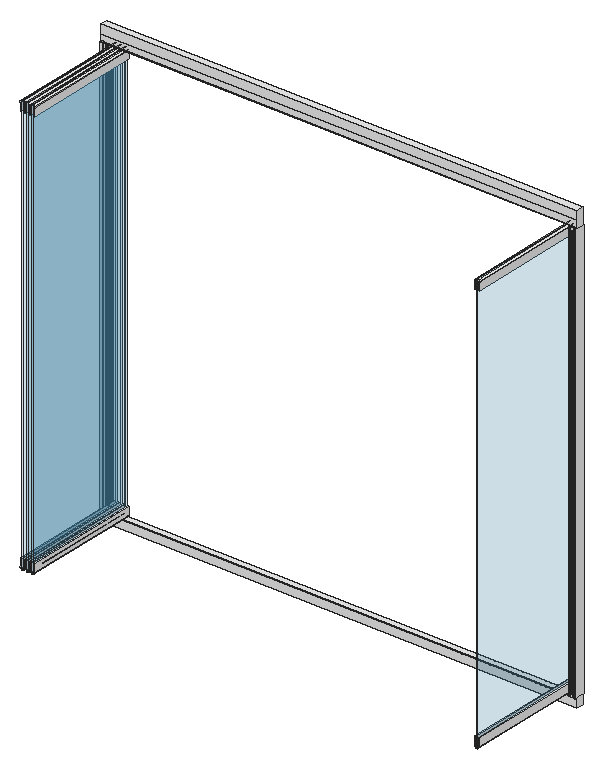
Revit family "98127", category Windows, host Wall, Revit 2018
Family settings
  Host = Wall
  OmniClass Number = 23.30.20.00
  OmniClass Title = Windows
  Always vertical = Yes
  Cut with Voids When Loaded = No
  Shared = No
  Room Calculation Point = No
Parameters (values of type "Standard")
  Y N Overide Stack [instance] = yes
  Y N Overide Number of Panels [instance] = no
  Warranty URL = "http://www.nanawall.com/support/warranty"
  URL = "http://www.nanawall.com/cad/configuration?id=28&n=SL25&t=Glass"
  Thickness = 0' - 1 1/4"
  Subcategory = "Folding Window"  # constant formula
  Split Stack Right [instance] = 1
  Split Stack [instance] = yes
  Size Comment [instance] = if(or(Y N Overide Stack, Y N Overide Number of Panels), "CONTACT NANAWALL FOR SPECIAL SIZING", " ")  # "CONTACT NANAWALL FOR SPECIAL SIZING"
  Size Chart [instance] = "http://www.nanawall.com/products/sl25/sizes"
  Single Right Stack [instance] = if(and(Y N Overide Stack, Left Stack), 1 = 0, if(Right Standard = 1, 1 = 1, if(and(C Split Stack, Split Stack Right = 1), 1 = 1, 1 = 0)))  # yes
  Single Panel [instance] = if(and(Open, Width < 3' 3 1/16"), 1 = 1, if(Width > 3' 3", 1 = 0, 1 = 0))  # no
  Single Left Stack [instance] = if(and(not(Y N Overide Stack), (Left Standard = 1)), 1 = 1, if(and(Y N Overide Stack, Left Stack, (Panels = 1)), 1 = 1, (if(and(C Split Stack, Split Stack Right = Panels - 1), 1 = 1, 1 = 0))))  # no
  Sills Available = "Raised, Low Profile Saddle, Flush"  # constant formula
  Sash = Metal - NanaWall - Aluminum
  Rough Width = Width - (2 * (0' 0 121/128"))  # 9' - 10 7/64"
  Rough Height = Height Constraint  # 9' - 2"
  Right Standard [instance] = roundup(Panels / 2)  # 2
  Right Stack Width [instance] = RS C * Thickness  # 0' - 2 1/2"
  Right Stack [instance] = no
  RS C [instance] = if(RS = 1, 2, if(RS = 0, 2, if(C Split Stack, Split Stack Right, RS)))  # 2
  RS [instance] = if(Not Override Stack, Right Standard, if(C Right Stack, Panels, if(C Left Stack, 2, if(C Split Stack, Split Stack Right, 2))))  # 1
  Product Page URL = "http://www.nanawall.com/product/nanaglass"
  Performance URL = "http://www.nanawall.com/products/sl25/testingresult"
  Panels [instance] = if(Y N Overide Number of Panels, Overide Number of Panels, Panel Constraint)  # 4
  Panel Width [instance] = Opening Width / Panels  # 2' - 5 135/256"
  Panel Height = Height Constraint  # 9' - 2"
  Panel Constraint [instance] = if(Width < 6' 0", 2, if(Width < 9' 0", 3, if(Width < 12' 0", 4, if(Width < 15' 0", 5, if(Width < 18' 0", 6, if(Width < 21' 0", 7, if(Width < 24' 0", 8, if(Width < 27' 0", 9, if(Width < 30' 0", 10, if(Width < 33' 0", 11, if(Width < 36' 0", 12, if(Width < 39' 0", 13, if(Width < 42' 0", 14, if(Width < 45' 0", 15, if(Width < 48' 0", 16, if(Width < 51' 0", 17, if(Width < 54' 0", 18, if(Width < 57' 0", 19, if(Width < 60' 0", 20, 21)))))))))))))))))))  # 4
  Overide Number of Panels [instance] = 6
  Opening Width = Width - (0' 0 121/128" * 2)  # 9' - 10 7/64"
  Open Right Single [instance] = if(and(Open, Single Right Stack), 1 = 1, 1 = 0)  # yes
  Open Right Multi [instance] = if(and(Open, Multiple Right Stack), 1 = 1, 1 = 0)  # no
  Open Left Single [instance] = if(and(Open, Single Left Stack), 1 = 1, 1 = 0)  # no
  Open Left Multi [instance] = if(and(Open, Multiple Left Stack), 1 = 1, 1 = 0)  # yes
  Open [instance] = yes
  Not Override Stack [instance] = not(Y N Overide Stack)  # no
  NanaWall Configurator = "http://www.nanawall.com/content/select-wizard"
  Multiple Right Stack [instance] = if(Width < 3' 3 1/16", 1 = 0, if(and(Right Standard < 1.5, Not Override Stack), 1 = 0, if(and(Right Standard > 1, Not Override Stack), 1 = 1, (if(and(C Split Stack, Split Stack Right > 1), 1 = 1, if(C Right Stack, 1 = 1, 1 = 0))))))  # no
  Multiple Panel [instance] = if(and(Open, Width > 3' 3 1/16"), 1 = 0, if(and(Closed, Width > 3' 3 1/16"), 1 = 1, if(Width < 3' 3", 1 = 0, 1 = 1)))  # no
  Multiple Left Stack [instance] = if(and(Left Standard > 1, Not Override Stack), 1 = 1, (if(and(C Split Stack, Split Stack Right < Panels - 1), 1 = 1, if(C Left Stack, 1 = 1, 1 = 0))))  # yes
  Model = if(and(Width < 2' 7 1/16", Height < 6' 6 1/16"), "SL 25", if(and(Width < 2' 7 1/16", Height < 8' 10 1/16"), "SL 25XXL", if(and(Width < 3' 0 1/16", Height < 8' 10 1/16"), "SL25XXL", "SL 25")))  # "SL 25"
  Max Panel Height = if(Panel Height > 9' 6", 9' 6", Panel Height)  # 9' - 2"
  Manufacturer Toll Free Phone = "(888) 411-NANA(6262)"  # constant formula
  Manufacturer Phone = "(415) 383-3148"  # constant formula
  Manufacturer Fax = "(415) 383-0312"  # constant formula
  Manufacturer Email = "mailto:info@nanawall.com"
  Manufacturer Address = "100 Meadowcreek Drive #250, Corte Madera, CA 94925"  # constant formula
  Manufacturer = "NanaWall Systems, Inc."  # constant formula
  Left Standard [instance] = rounddown(Panels / 2)  # 2
  Left Stack Width [instance] = LS C * Thickness  # 0' - 3 3/4"
  Left Stack [instance] = no
  LS C [instance] = if(L S = 1, 2, if(L S = 0, 2, if(C Split Stack, Panels - Split Stack Right, L S)))  # 3
  L S [instance] = if(Not Override Stack, Left Standard, if(C Left Stack, Panels, if(C Right Stack, 2, if(C Split Stack, Panels - Split Stack Right, 2))))  # 3
  Installation and Service URL = "http://www.nanawall.com/support/installer"
  Height Constraint = if(Height < 3' 3", 3' 3", if(Height > 9' 2", 9' 2", Height))  # 9' - 2"
  Height = 9' - 6"
  Wall Closure = By host
  Width = 10' - 0"
  Half Panel Width [instance] = Panel Width / 2  # 1' - 2.76367"
  Glazing Options = "http://www.nanawall.com/products/sl25/glazing"
  Glass Material = Glass - NanaWall - Generic
  Filler = Metal - NanaWall - Aluminum
  Exterior Wall Offset = 0' - 4"
  Engineering Details URL = "http://www.nanawall.com/products/sl25/component"
  Disclaimer = "Please note that the Revit model is for schematic purposes only.  To obtain a detailed 3D model, please go to the NanaWall's configurator at www.nanawall.com."  # constant formula
  Description = "NanaGlass All Glass Opening Window Wall"  # constant formula
  Cost Info = "http://www.nanawall.com/products/sl25/pricing"
  Closed [instance] = not(Open)  # no
  Clearance On [instance] = yes
  C Split Stack [instance] = if(and(Y N Overide Stack, Split Stack), 1 = 1, if(Right Stack, 1 = 0, if(Left Stack, 1 = 0, 1 = 0)))  # yes
  C Right Stack [instance] = if(and(Y N Overide Stack, Right Stack), 1 = 1, if(Left Stack, 1 = 0, if(Split Stack, 1 = 0, 1 = 1)))  # no
  C Left Stack [instance] = if(and(Y N Overide Stack, Left Stack), 1 = 1, if(Right Stack, 1 = 0, if(Split Stack, 1 = 0, 1 = 0)))  # no
  Assembly Code = "C1010.2010"
  95 CSI = "8411"  # constant formula
  04 CSI = "08 41 13"  # constant formula
Reference planes (in)
  plane 1 "Center (Front/Back)": y = 0
  plane 2 "Center (Left/Right)": x = 0
  plane 3 "Left": x = -60
  plane 4 "Right": x = 60
  plane 5 "Top": z = 110
  plane 6: z = 105.97
  plane 7 "Top Edge Of Sill": z = 0.92188
  plane 8: z = 55
  plane 9: x = -59.05512
  plane 10: x = 59.05512
  plane 11: x = 55.375
  plane 12: y = -1.57422
  plane 13: y = 1.57422
  plane 14 "Sash Offset Plane": y = -1
  plane 15: y = -0.375
  plane 16: x = -54.125
  plane 17: x = -57.875
  plane 18: x = 57.875
Lines and regions (in)
  Opening 1
    outline origin (-90, -3, 0) x (1, 0, 0) y (0, 0, 1)
      loop
        line (30, 0) -> (150, 0) -> (150, 110) -> (30, 110) -> (30, 0)
  symbolic lines, visible <- "Clearance On"
    curve 1: line (-57.875, -0.375, 0) -> (57.875, -0.375, 0)
    curve 2: line (-57.875, -29.90234, 0) -> (-57.875, -0.375, 0)
    curve 3: line (57.875, -29.90234, 0) -> (-57.875, -29.90234, 0)
    curve 4: line (57.875, -0.375, 0) -> (57.875, -29.90234, 0)
  symbolic lines
    curve 5: line (-60, -0.375, 0) -> (60, -0.375, 0)
    curve 6: line (-60, -1.57422, 0) -> (-60, -0.375, 0)
    curve 7: line (60, -1.57422, 0) -> (-60, -1.57422, 0)
    curve 8: line (60, -0.375, 0) -> (60, -1.57422, 0)
    curve 9: line (-59.05512, -1.57422, 0) -> (-59.05512, -0.375, 0)
    curve 10: line (59.05512, -1.57422, 0) -> (59.05512, -0.375, 0)
Text (in)
  text "Exterior" at (-74.96733, 61.50183, 0), in view "Ref. Level"
  text "Interior" at (-74.96733, -39.71944, 0), in view "Ref. Level"
  text "Exterior" at (0, 40.15149, 87.26307), in view "Right"
  text "Interior" at (0, -64.39139, 87.26307), in view "Right"
  text "Interior" at (0, -31.01599, 123.00693), in view "Left"
  text "Exterior" at (0, 54.57065, 123.00693), in view "Left"
Dimensions and locks (in)
  "Height Constraint": level to plane 5 "Top"
  "Width": plane 3 "Left" to plane 4 "Right"
  equal spacing: plane 3 "Left", plane 2 "Center (Left/Right)", plane 4 "Right"
  locked: level to plane 7 "Top Edge Of Sill" at 0.92188
  locked: plane 6 to plane 5 "Top" at 4.03
  equal spacing: level, plane 8, plane 5 "Top"
  locked: plane 3 "Left" to plane 9 at 0.94488
  locked: plane 10 to plane 4 "Right" at 0.94488
  host wall to host wall = 22' - 0"
  equal spacing: plane 13, host wall, plane 12
  locked: plane 13 to plane 12 at 3.14844
  equal spacing: group 1, group 3, group 4, group 2  (x3)
  "Exterior Wall Offset": host wall to plane 14 "Sash Offset Plane"
  locked: plane 15 to plane 14 "Sash Offset Plane" at 0.625
  group 6 to group 5 = 0' - 1 1/4"
  group 5 to group 6 = 0' - 0"  (x2)
  plane 3 "Left" to plane 9 = 0' - 0.94488"
  equal spacing: group 7, group 13, group 8  (x3)
  equal spacing: group 9, group 14, group 10  (x3)
  group 12 to group 11 = 0' - 1 1/4"
  group 11 to group 12 = 0' - 0"  (x2)
  locked: curve 4 to plane 18 at 0
  "Panel Width": plane 15 to curve 3
  locked: plane 3 "Left" to plane 17 at 2.125
  "Left Stack Width": plane 17 to plane 16
  locked: plane 18 to plane 4 "Right" at 2.125
  "Right Stack Width": plane 11 to plane 18
  aligned and locked: plane 3 "Left" to Opening 1 sketch curve
  aligned and locked: plane 5 "Top" to Opening 1 sketch curve  (x2)
  aligned and locked: Opening 1 sketch curve to plane 4 "Right"
  aligned and locked: Opening 1 sketch curve to level
  aligned and locked: nested 1 to plane 3 "Left"
  aligned and locked: nested 2 to plane 4 "Right"
  aligned and locked: nested 4 to plane 5 "Top"
  aligned and locked: plane 14 "Sash Offset Plane" to nested 3
  aligned and locked: nested 1 to plane 14 "Sash Offset Plane"
  aligned and locked: plane 14 "Sash Offset Plane" to nested 2
  aligned and locked: nested 5 to plane 14 "Sash Offset Plane"
  aligned and locked: plane 15 to nested 9
  aligned and locked: nested 10 to plane 11
  aligned and locked: plane 15 to nested 10
  aligned and locked: nested 4 to plane 14 "Sash Offset Plane"
  aligned and locked: plane 14 "Sash Offset Plane" to nested 6
  aligned and locked: nested 5 to plane 3 "Left"
  aligned and locked: nested 5 to plane 4 "Right"
  aligned and locked: nested 6 to plane 10
  aligned and locked: nested 3 to plane 9
  aligned and locked: level to nested 5
  aligned and locked: plane 15 to nested 11
  aligned and locked: nested 12 to plane 16
  aligned and locked: plane 15 to nested 13
  aligned and locked: plane 15 to nested 14
  aligned and locked: plane 15 to nested 12
  aligned and locked: nested 15 to plane 15
  aligned and locked: nested 16 to plane 16
  aligned and locked: nested 16 to plane 15
  aligned and locked: nested 17 to plane 15
  aligned and locked: nested 18 to plane 11
  aligned and locked: nested 18 to plane 15
  aligned and locked: nested 20 to plane 15
  aligned and locked: nested 19 to plane 15
  aligned and locked: plane 17 to nested 15
  aligned and locked: plane 17 to nested 11
  aligned and locked: plane 17 to nested 13
  aligned and locked: plane 17 to nested 20
  aligned and locked: nested 17 to plane 18
  aligned and locked: nested 19 to plane 18
  aligned and locked: plane 18 to nested 9
  aligned and locked: plane 18 to nested 14
  aligned and locked: curve 2 to plane 17
  aligned and locked: curve 5 to plane 15
  aligned and locked: curve 6 to plane 3 "Left"
  aligned and locked: plane 12 to curve 7
  aligned and locked: plane 4 "Right" to curve 8
  aligned and locked: curve 9 to plane 9
  aligned and locked: plane 10 to curve 10
  aligned and locked: nested 1 to plane 6
  aligned and locked: plane 6 to nested 2
Automatic sketch dimensions
  curve 1 to plane 15 = 0' - 0"
Nested families (in)
  nested 1: "Left-Jamb_SL-25" at (-52.69793, -1, 0.00125), type "Left-Jamb_SL-25"
  nested 2: "Right-Jamb_SL-25" at (52.69793, -1, 0.00125) x (-1, 0, 0) z (0, 0, 1), type "Right-Jamb_SL-25"
  nested 3: "Sash_SL-25_NanaWall" at (-44.33252, -9.125, 0) x (-1, 0, 0) z (0, 0, 1), visible <- "Closed", type "Sash_SL-25_NanaWall"
  nested 4: "Header_SL-25" at (7.30207, -1, 0), type "Header_SL-25"
  nested 5: "Sill_SL-25" at (7.30207, -1, -2.21774), type "Sill_SL-25"
  nested 6: "Sash_SL-25_NanaWall" at (44.35721, -9.125, 0) x (-1, 0, 0) z (0, 0, 1), visible <- "Closed", type "Sash_SL-25_NanaWall"
  nested 7: "Sash_SL-25_NanaWall" at (-14.76927, -9.125, 0) x (-1, 0, 0) z (0, 0, 1), visible <- "Closed", type "Sash_SL-25_NanaWall"
  nested 8: "Sash_SL-25_NanaWall" at (14.79397, -9.125, 0) x (-1, 0, 0) z (0, 0, 1), visible <- "Closed", type "Sash_SL-25_NanaWall"
  nested 9: "DetailItem_Panel" at (57.20473, -13.47851, 0), visible <- "Multiple Right Stack", type "DetailItem_Panel"
    with Panel Thickness 0' - 1 1/4"
  nested 10: "DetailItem_Panel" at (55.95473, -13.47851, 0), visible <- "Multiple Right Stack", type "DetailItem_Panel"
    with Panel Thickness 0' - 1 1/4"
  nested 11: "DetailItem_Panel" at (-57.29527, -13.47851, 0), visible <- "Multiple Left Stack", type "DetailItem_Panel"
    with Panel Thickness 0' - 1 1/4"
  nested 12: "DetailItem_Panel" at (-54.79527, -13.47851, 0), visible <- "Multiple Left Stack", type "DetailItem_Panel"
    with Panel Thickness 0' - 1 1/4"
  nested 13: "DetailItem_Panel" at (-57.29527, -13.47851, 0), visible <- "Single Left Stack", type "DetailItem_Panel"
    with Panel Thickness 0' - 1 1/4"
  nested 14: "DetailItem_Panel" at (57.20473, -13.47851, 0), visible <- "Single Right Stack", type "DetailItem_Panel"
    with Panel Thickness 0' - 1 1/4"
  nested 15: "Sash_SL-25_NanaWall" at (-65.375, -15.0976, 0) x (0, 1, 0) z (0, 0, 1), visible <- "Open Left Multi", type "Sash_SL-25_NanaWall"
  nested 16: "Sash_SL-25_NanaWall" at (-62.875, -15.0976, 0) x (0, 1, 0) z (0, 0, 1), visible <- "Open Left Multi", type "Sash_SL-25_NanaWall"
  nested 17: "Sash_SL-25_NanaWall" at (49.125, -15.0976, 0) x (0, 1, 0) z (0, 0, 1), visible <- "Open Right Multi", type "Sash_SL-25_NanaWall"
  nested 18: "Sash_SL-25_NanaWall" at (47.875, -15.0976, 0) x (0, 1, 0) z (0, 0, 1), visible <- "Open Right Multi", type "Sash_SL-25_NanaWall"
  nested 19: "Sash_SL-25_NanaWall" at (49.125, -15.0976, 0) x (0, 1, 0) z (0, 0, 1), visible <- "Open Right Single", type "Sash_SL-25_NanaWall"
  nested 20: "Sash_SL-25_NanaWall" at (-65.375, -15.0976, 0) x (0, 1, 0) z (0, 0, 1), visible <- "Open Left Single", type "Sash_SL-25_NanaWall"
  nested 21: "DetailItem_Panel" at (-56.04527, -13.47851, 0), visible <- "Multiple Left Stack", type "DetailItem_Panel"
    with Panel Thickness 0' - 1 1/4"
  nested 22: "Sash_SL-25_NanaWall" at (-64.125, -15.0976, 0) x (0, 1, 0) z (0, 0, 1), visible <- "Open Left Multi", type "Sash_SL-25_NanaWall"
Definition of nested family "Left-Jamb_SL-25"
  Parameters
    Width = 5' - 0"
    Left Jamb = none
    Height = 9' - 2"
    Half = no
    Assembly Code = ""
  Reference planes (in)
    plane 1 "Center (Front/Back)": y = 0
    plane 2: z = 0
    plane 3 "Center (Left/Right)": x = -7.30207
    plane 4 "Top": z = 110
    plane 5: z = 105.96875
  Forms (in)
    Sweep 1, solid, material <- "Left Jamb"
      path origin (-7.30207, -0.13672, 0) x (0, 1, 0) y (0, 0, 1)
        loop
          line (0, 105.96875) -> (0, 0)
      profile origin (-7.30207, -0.13672, 52.98438) x (1, 0, 0) y (0, 1, 0)
        loop
          line (0, 1.30691) -> (0, -0.94309) -> (1.90628, -0.94309)
          arc (1.90628, -0.94309) -> (1.9433, -0.92961) -> (1.963, -0.89549) r 0.05759
          line (1.963, -0.89549) -> (2.0128, -0.61304)
          arc (2.0128, -0.61304) -> (2.00442, -0.58177) -> (1.97508, -0.56809) r 0.0383
          line (1.97508, -0.56809) -> (1.65956, -0.56809)
          arc (1.65956, -0.56809) -> (1.63047, -0.58014) -> (1.61842, -0.60923) r 0.04114
          line (1.61842, -0.60923) -> (1.61842, -0.88388) -> (1.37294, -0.88388) -> (1.42075, -0.61275)
          arc (1.42075, -0.61275) -> (1.41242, -0.58168) -> (1.38327, -0.56809) r 0.03805
          line (1.38327, -0.56809) -> (1.06461, -0.56809)
          arc (1.06461, -0.56809) -> (1.03753, -0.5793) -> (1.02632, -0.60638) r 0.03829
          line (1.02632, -0.60638) -> (1.02632, -0.88388) -> (0.66316, -0.88388) -> (0.66316, 1.2477) -> (1.21579, 1.2477) -> (1.21579, 1.11349)
          arc (1.21579, 1.11349) -> (1.23947, 1.08981) -> (1.26316, 1.11349) r 0.02368
          line (1.26316, 1.11349) -> (1.26316, 1.25954) -> (1.43684, 1.25954)
          arc (1.43684, 1.25954) -> (1.46053, 1.28323) -> (1.43684, 1.30691) r 0.02368
          line (1.43684, 1.30691) -> (0, 1.30691)
        loop
          line (0.07105, 1.2477) -> (0.07105, -0.88388) -> (0.59211, -0.88388) -> (0.59211, 1.2477) -> (0.07105, 1.2477)
  Lines and regions (in)
    Masking region 1
      outline origin (0, 0, 0) x (1, 0, 0) y (0, 1, 0)
        loop
          line (-7.30207, 1.17019) -> (-7.30207, -1.07981) -> (-5.39579, -1.07981)
          arc (-5.39579, -1.07981) -> (-5.35877, -1.06633) -> (-5.33907, -1.03221) r 0.05759
          line (-5.33907, -1.03221) -> (-5.28927, -0.74976)
          arc (-5.28927, -0.74976) -> (-5.29765, -0.71849) -> (-5.32699, -0.70481) r 0.0383
          line (-5.32699, -0.70481) -> (-5.64251, -0.70481)
          arc (-5.64251, -0.70481) -> (-5.6716, -0.71686) -> (-5.68365, -0.74595) r 0.04114
          line (-5.68365, -0.74595) -> (-5.68365, -1.02059) -> (-5.92913, -1.02059) -> (-5.88132, -0.74947)
          arc (-5.88132, -0.74947) -> (-5.88965, -0.7184) -> (-5.9188, -0.70481) r 0.03805
          line (-5.9188, -0.70481) -> (-6.23746, -0.70481)
          arc (-6.23746, -0.70481) -> (-6.26454, -0.71602) -> (-6.27575, -0.7431) r 0.03829
          line (-6.27575, -0.7431) -> (-6.27575, -1.02059) -> (-6.63891, -1.02059) -> (-6.63891, 1.11098) -> (-6.08628, 1.11098) -> (-6.08628, 0.97677)
          arc (-6.08628, 0.97677) -> (-6.0626, 0.95309) -> (-6.03891, 0.97677) r 0.02368
          line (-6.03891, 0.97677) -> (-6.03891, 1.12283) -> (-5.86523, 1.12283)
          arc (-5.86523, 1.12283) -> (-5.84154, 1.14651) -> (-5.86523, 1.17019) r 0.02368
          line (-5.86523, 1.17019) -> (-7.30207, 1.17019)
        loop
          line (-7.23102, -1.02059) -> (-6.70996, -1.02059) -> (-6.70996, 1.11098) -> (-7.23102, 1.11098) -> (-7.23102, -1.02059)
  Dimensions and locks (in)
    "Height": plane 4 "Top" to level
    plane 4 "Top" to level = 9' - 2"
    locked: plane 4 "Top" to plane 5 at 4.03125
    aligned and locked: level to Sweep 1 sketch curve
    aligned and locked: plane 3 "Center (Left/Right)" to nested 1
    aligned and locked: Sweep 1 sketch curve to nested 1  (x14)
    aligned and locked: nested 1 to Sweep 1 sketch curve  (x2)
    aligned and locked: Masking region 1 sketch curve to plane 3 "Center (Left/Right)"
    aligned and locked: Masking region 1 sketch curve to Sweep 1  (x19)
    aligned and locked: plane 5 to Sweep 1 sketch curve
  Automatic sketch dimensions
    Sweep 1 sketch curve to profile plane = 0' - 0"
    Sweep 1 sketch curve to Sweep 1 sketch curve = 0' - 0.03829"
    profile plane to Sweep 1 sketch curve = 0' - 0.88388"
    Sweep 1 sketch curve to Sweep 1 sketch curve = 0' - 0.23515"
    Sweep 1 sketch curve to Sweep 1 sketch curve = 0' - 0.03748"
    Sweep 1 sketch curve to Sweep 1 sketch curve = 0' - 0.04114"
    Sweep 1 sketch curve to Sweep 1 sketch curve = 0' - 0.28786"
    Sweep 1 sketch curve to Sweep 1 sketch curve = 0' - 0.05672"
    Sweep 1 sketch curve to Sweep 1 sketch curve = 0' - 0.31551"
    Sweep 1 sketch curve to Sweep 1 sketch curve = 0' - 0.03772"
    Sweep 1 sketch curve to Sweep 1 sketch curve = 0' - 0"  (x2)
    Masking region 1 sketch curve to Masking region 1 sketch curve = 0' - 0.00352"
    Masking region 1 sketch curve to Masking region 1 sketch curve = 0' - 0.03772"
    plane 1 "Center (Front/Back)" to Masking region 1 sketch curve = 0' - 1.03221"
    plane 1 "Center (Front/Back)" to Sweep 1 sketch curve = 0' - 0 35/256"
  Nested families (in)
    nested 1: "Detail Item_Right-Jamb_SL-25" at (-7.30207, 0.02546, 0), type "Detail Item_Right-Jamb_SL-25", detail levels fine
      with Half no
  Definition of nested family "Detail Item_Right-Jamb_SL-25"
    Parameters
      SmartBIM Object Version = 1
      SmartBIM Object Created By = "Reed Construction Data"
      Half = yes
      Assembly Code = ""
      95 CSI = ""
      04 CSI = ""
    Reference planes (in)
      plane 1 "Center (Front/Back)": y = 0
      plane 2: z = 0
      plane 3 "Center (Left/Right)": x = 0
    Lines and regions (in)
      model lines, in view "Ref. Level"
        curve 1: arc (1.38158, -0.73026, 0) -> (1.41182, -0.74436, 0) -> (1.42045, -0.77659, 0) r 0.03947
        curve 2: arc (1.37113, -1.05633, 0) -> (1.35088, -1.09141, 0) -> (1.31282, -1.10526, 0) r 0.05921
        curve 3: arc (1.02632, -0.76974, 0) -> (1.03788, -0.74182, 0) -> (1.06579, -0.73026, 0) r 0.03947
        curve 4: arc (1.97368, -0.73026, 0) -> (2.00392, -0.74436, 0) -> (2.01256, -0.77659, 0) r 0.03947
        curve 5: arc (1.96323, -1.05633, 0) -> (1.94298, -1.09141, 0) -> (1.90492, -1.10526, 0) r 0.05921
        curve 6: arc (1.43684, 1.14474, 0) -> (1.46053, 1.12105, 0) -> (1.43684, 1.09737, 0) r 0.02368
        curve 7: arc (1.26316, 0.95132, 0) -> (1.23947, 0.92763, 0) -> (1.21579, 0.95132, 0) r 0.02368
        curve 8: arc (1.61842, -0.76974, 0) -> (1.62998, -0.74182, 0) -> (1.65789, -0.73026, 0) r 0.03947
        curve 9: arc (1.85526, -0.73026, 0) -> (1.86364, -0.73373, 0) -> (1.86711, -0.74211, 0) r 0.01184
        curve 10: arc (1.86711, -0.78947, 0) -> (1.86364, -0.79785, 0) -> (1.85526, -0.80132, 0) r 0.01184
        curve 11: arc (1.77632, -0.80132, 0) -> (1.76794, -0.79785, 0) -> (1.76447, -0.78947, 0) r 0.01184
        curve 12: arc (1.76447, -0.74211, 0) -> (1.76794, -0.73373, 0) -> (1.77632, -0.73026, 0) r 0.01184
        curve 13: arc (1.75015, -0.61231, 0) -> (1.7762, -0.64614, 0) -> (1.74474, -0.675, 0) r 0.03158
        curve 14: arc (1.67763, -0.73026, 0) -> (1.69382, -0.69119, 0) -> (1.73289, -0.675, 0) r 0.05526
        curve 15: arc (1.71227, -0.79862, 0) -> (1.70944, -0.79049, 0) -> (1.71573, -0.7846, 0) r 0.00789
        curve 16: arc (1.91584, -0.7846, 0) -> (1.92214, -0.79049, 0) -> (1.9193, -0.79862, 0) r 0.00789
        curve 17: arc (2.025, -0.57477, 0) -> (2.01566, -0.65331, 0) -> (1.99737, -0.73026, 0) r 0.68825
        curve 18: arc (1.9856, -0.53289, 0) -> (2.01435, -0.54532, 0) -> (2.025, -0.57477, 0) r 0.03947
        curve 19: arc (1.875, -0.54446, 0) -> (1.88781, -0.5359, 0) -> (1.90291, -0.53289, 0) r 0.03947
        curve 20: arc (1.84732, -0.57214, 0) -> (1.83132, -0.58186, 0) -> (1.81264, -0.58311, 0) r 0.03947
        curve 21: arc (1.77256, -0.62848, 0) -> (1.74714, -0.62221, 0) -> (1.72518, -0.60796, 0) r 0.07895
        curve 22: line (1.42045, -0.77659, 0) -> (1.37113, -1.05633, 0)
        curve 23: line (1.31282, -1.10526, 0) -> (0, -1.10526, 0)
        curve 24: line (0, -1.10526, 0) -> (0, 1.14474, 0)
        curve 25: line (0, 1.14474, 0) -> (0.84474, 1.14474, 0)
        curve 26: line (0.59211, 1.08553, 0) -> (0.07105, 1.08553, 0)
        curve 27: line (0.07105, 1.08553, 0) -> (0.07105, 0.04025, 0)
        curve 28: line (0.07105, 0.04025, 0) -> (0.05921, 0.01974, 0)
        curve 29: line (0.05921, 0.01974, 0) -> (0.07105, -0.00077, 0)
        curve 30: line (0.07105, -0.00077, 0) -> (0.07105, -1.04605, 0)
        curve 31: line (0.07105, -1.04605, 0) -> (1.02632, -1.04605, 0)
        curve 32: line (1.02632, -1.04605, 0) -> (1.02632, -0.76974, 0)
        curve 33: line (1.06579, -0.73026, 0) -> (1.13487, -0.73026, 0)
        curve 34: line (1.13487, -0.73026, 0) -> (1.13487, -0.76974, 0)
        curve 35: line (1.13487, -0.76974, 0) -> (1.08553, -0.76974, 0)
        curve 36: line (1.08553, -0.76974, 0) -> (1.08553, -1.04605, 0)
        curve 37: line (1.08553, -1.04605, 0) -> (1.31282, -1.04605, 0)
        curve 38: line (1.31282, -1.04605, 0) -> (1.36154, -0.76974, 0)
        curve 39: line (1.36154, -0.76974, 0) -> (1.3125, -0.76974, 0)
        curve 40: line (1.3125, -0.76974, 0) -> (1.3125, -0.73026, 0)
        curve 41: line (1.3125, -0.73026, 0) -> (1.38158, -0.73026, 0)
        curve 42: line (2.01256, -0.77659, 0) -> (1.96323, -1.05633, 0)
        curve 43: line (1.90492, -1.10526, 0) -> (0.59211, -1.10526, 0)
        curve 44: line (0.59211, -1.10526, 0) -> (0.59211, 1.14474, 0)
        curve 45: line (0.59211, 1.14474, 0) -> (1.43684, 1.14474, 0)
        curve 46: line (1.43684, 1.09737, 0) -> (1.26316, 1.09737, 0)
        curve 47: line (1.26316, 1.09737, 0) -> (1.26316, 0.95132, 0)
        curve 48: line (1.21579, 0.95132, 0) -> (1.21579, 1.08553, 0)
        curve 49: line (1.21579, 1.08553, 0) -> (0.66316, 1.08553, 0)
        curve 50: line (0.66316, 1.08553, 0) -> (0.66316, 0.04025, 0)
        curve 51: line (0.66316, 0.04025, 0) -> (0.65132, 0.01974, 0)
        curve 52: line (0.65132, 0.01974, 0) -> (0.66316, -0.00077, 0)
        curve 53: line (0.66316, -0.00077, 0) -> (0.66316, -1.04605, 0)
        curve 54: line (0.66316, -1.04605, 0) -> (1.61842, -1.04605, 0)
        curve 55: line (1.61842, -1.04605, 0) -> (1.61842, -0.76974, 0)
        curve 56: line (1.65789, -0.73026, 0) -> (1.72697, -0.73026, 0)
        curve 57: line (1.72697, -0.73026, 0) -> (1.72697, -0.76974, 0)
        curve 58: line (1.72697, -0.76974, 0) -> (1.67763, -0.76974, 0)
        curve 59: line (1.67763, -0.76974, 0) -> (1.67763, -1.04605, 0)
        curve 60: line (1.67763, -1.04605, 0) -> (1.90492, -1.04605, 0)
        curve 61: line (1.90492, -1.04605, 0) -> (1.95364, -0.76974, 0)
        curve 62: line (1.95364, -0.76974, 0) -> (1.90461, -0.76974, 0)
        curve 63: line (1.90461, -0.76974, 0) -> (1.90461, -0.73026, 0)
        curve 64: line (1.90461, -0.73026, 0) -> (1.97368, -0.73026, 0)
        curve 65: line (1.72697, -0.73026, 0) -> (1.67763, -0.73026, 0)
        curve 66: line (1.67763, -0.73026, 0) -> (1.73289, -0.73026, 0)
        curve 67: line (1.73289, -0.73026, 0) -> (1.73289, -0.78158, 0)
        curve 68: line (1.73289, -0.78158, 0) -> (1.71573, -0.7846, 0)
        curve 69: line (1.86711, -0.74211, 0) -> (1.86711, -0.78947, 0)
        curve 70: line (1.85526, -0.80132, 0) -> (1.77632, -0.80132, 0)
        curve 71: line (1.76447, -0.78947, 0) -> (1.76447, -0.74211, 0)
        curve 72: line (1.77632, -0.73026, 0) -> (1.85526, -0.73026, 0)
        curve 73: line (1.84732, -0.57214, 0) -> (1.875, -0.54446, 0)
        curve 74: line (1.75015, -0.61231, 0) -> (1.67368, -0.59901, 0)
        curve 75: line (1.67368, -0.59901, 0) -> (1.68519, -0.53289, 0)
        curve 76: line (1.68519, -0.53289, 0) -> (1.72408, -0.53966, 0)
        curve 77: line (1.72408, -0.53966, 0) -> (1.71934, -0.56688, 0)
        curve 78: line (1.71934, -0.56688, 0) -> (1.81264, -0.58311, 0)
        curve 79: line (1.73289, -0.675, 0) -> (1.74474, -0.675, 0)
        curve 80: line (1.9193, -0.79862, 0) -> (1.875, -0.83289, 0)
        curve 81: line (1.875, -0.83289, 0) -> (1.75658, -0.83289, 0)
        curve 82: line (1.75658, -0.83289, 0) -> (1.71227, -0.79862, 0)
        curve 83: line (1.99737, -0.73026, 0) -> (1.89868, -0.73026, 0)
        curve 84: line (1.89868, -0.73026, 0) -> (1.89868, -0.78158, 0)
        curve 85: line (1.89868, -0.78158, 0) -> (1.91584, -0.7846, 0)
        curve 86: line (1.90291, -0.53289, 0) -> (1.9856, -0.53289, 0)
Definition of nested family "Right-Jamb_SL-25"
  Parameters
    Width = 5' - 0"
    Left Jamb = none
    Height = 9' - 2"
    Half = no
    Assembly Code = ""
  Reference planes (in)
    plane 1 "Center (Front/Back)": y = 0
    plane 2: z = 0
    plane 3 "Center (Left/Right)": x = -7.30207
    plane 4 "Top": z = 110
    plane 5: z = 105.96875
  Forms (in)
    Sweep 1, solid, material <- "Left Jamb"
      path origin (-7.30207, -0.13672, 0) x (0, 1, 0) y (0, 0, 1)
        loop
          line (0, 105.96875) -> (0, 0)
      profile origin (-7.30207, -0.13672, 52.98438) x (1, 0, 0) y (0, 1, 0)
        loop
          line (0, 1.30691) -> (0, -0.94309) -> (1.90628, -0.94309)
          arc (1.90628, -0.94309) -> (1.9433, -0.92961) -> (1.963, -0.89549) r 0.05759
          line (1.963, -0.89549) -> (2.0128, -0.61304)
          arc (2.0128, -0.61304) -> (2.00442, -0.58177) -> (1.97508, -0.56809) r 0.0383
          line (1.97508, -0.56809) -> (1.65956, -0.56809)
          arc (1.65956, -0.56809) -> (1.63047, -0.58014) -> (1.61842, -0.60923) r 0.04114
          line (1.61842, -0.60923) -> (1.61842, -0.88388) -> (1.37294, -0.88388) -> (1.42075, -0.61275)
          arc (1.42075, -0.61275) -> (1.41242, -0.58168) -> (1.38327, -0.56809) r 0.03805
          line (1.38327, -0.56809) -> (1.06461, -0.56809)
          arc (1.06461, -0.56809) -> (1.03753, -0.5793) -> (1.02632, -0.60638) r 0.03829
          line (1.02632, -0.60638) -> (1.02632, -0.88388) -> (0.66316, -0.88388) -> (0.66316, 1.2477) -> (1.21579, 1.2477) -> (1.21579, 1.11349)
          arc (1.21579, 1.11349) -> (1.23947, 1.08981) -> (1.26316, 1.11349) r 0.02368
          line (1.26316, 1.11349) -> (1.26316, 1.25954) -> (1.43684, 1.25954)
          arc (1.43684, 1.25954) -> (1.46053, 1.28323) -> (1.43684, 1.30691) r 0.02368
          line (1.43684, 1.30691) -> (0, 1.30691)
        loop
          line (0.07105, 1.2477) -> (0.07105, -0.88388) -> (0.59211, -0.88388) -> (0.59211, 1.2477) -> (0.07105, 1.2477)
  Lines and regions (in)
    Masking region 1
      outline origin (0, 0, 0) x (1, 0, 0) y (0, 1, 0)
        loop
          line (-7.30207, 1.17019) -> (-7.30207, -1.07981) -> (-5.39579, -1.07981)
          arc (-5.39579, -1.07981) -> (-5.35877, -1.06633) -> (-5.33907, -1.03221) r 0.05759
          line (-5.33907, -1.03221) -> (-5.28927, -0.74976)
          arc (-5.28927, -0.74976) -> (-5.29765, -0.71849) -> (-5.32699, -0.70481) r 0.0383
          line (-5.32699, -0.70481) -> (-5.64251, -0.70481)
          arc (-5.64251, -0.70481) -> (-5.6716, -0.71686) -> (-5.68365, -0.74595) r 0.04114
          line (-5.68365, -0.74595) -> (-5.68365, -1.02059) -> (-5.92913, -1.02059) -> (-5.88132, -0.74947)
          arc (-5.88132, -0.74947) -> (-5.88965, -0.7184) -> (-5.9188, -0.70481) r 0.03805
          line (-5.9188, -0.70481) -> (-6.23746, -0.70481)
          arc (-6.23746, -0.70481) -> (-6.26454, -0.71602) -> (-6.27575, -0.7431) r 0.03829
          line (-6.27575, -0.7431) -> (-6.27575, -1.02059) -> (-6.63891, -1.02059) -> (-6.63891, 1.11098) -> (-6.08628, 1.11098) -> (-6.08628, 0.97677)
          arc (-6.08628, 0.97677) -> (-6.0626, 0.95309) -> (-6.03891, 0.97677) r 0.02368
          line (-6.03891, 0.97677) -> (-6.03891, 1.12283) -> (-5.86523, 1.12283)
          arc (-5.86523, 1.12283) -> (-5.84154, 1.14651) -> (-5.86523, 1.17019) r 0.02368
          line (-5.86523, 1.17019) -> (-7.30207, 1.17019)
        loop
          line (-7.23102, -1.02059) -> (-6.70996, -1.02059) -> (-6.70996, 1.11098) -> (-7.23102, 1.11098) -> (-7.23102, -1.02059)
  Dimensions and locks (in)
    "Height": plane 4 "Top" to level
    plane 4 "Top" to level = 9' - 2"
    locked: plane 4 "Top" to plane 5 at 4.03125
    aligned and locked: level to Sweep 1 sketch curve
    aligned and locked: plane 3 "Center (Left/Right)" to nested 1
    aligned and locked: Sweep 1 sketch curve to nested 1  (x14)
    aligned and locked: nested 1 to Sweep 1 sketch curve  (x2)
    aligned and locked: Masking region 1 sketch curve to plane 3 "Center (Left/Right)"
    aligned and locked: Masking region 1 sketch curve to Sweep 1  (x19)
    aligned and locked: plane 5 to Sweep 1 sketch curve
  Automatic sketch dimensions
    Sweep 1 sketch curve to profile plane = 0' - 0"
    Sweep 1 sketch curve to Sweep 1 sketch curve = 0' - 0.03829"
    profile plane to Sweep 1 sketch curve = 0' - 0.88388"
    Sweep 1 sketch curve to Sweep 1 sketch curve = 0' - 0.23515"
    Sweep 1 sketch curve to Sweep 1 sketch curve = 0' - 0.03748"
    Sweep 1 sketch curve to Sweep 1 sketch curve = 0' - 0.04114"
    Sweep 1 sketch curve to Sweep 1 sketch curve = 0' - 0.28786"
    Sweep 1 sketch curve to Sweep 1 sketch curve = 0' - 0.05672"
    Sweep 1 sketch curve to Sweep 1 sketch curve = 0' - 0.31551"
    Sweep 1 sketch curve to Sweep 1 sketch curve = 0' - 0.03772"
    Sweep 1 sketch curve to Sweep 1 sketch curve = 0' - 0"  (x2)
    Masking region 1 sketch curve to Masking region 1 sketch curve = 0' - 0.00352"
    Masking region 1 sketch curve to Masking region 1 sketch curve = 0' - 0.03772"
    plane 1 "Center (Front/Back)" to Masking region 1 sketch curve = 0' - 1.03221"
    plane 1 "Center (Front/Back)" to Sweep 1 sketch curve = 0' - 0 35/256"
  Nested families (in)
    nested 1: "Detail Item_Right-Jamb_SL-25" at (-7.30207, 0.02546, 0), type "Detail Item_Right-Jamb_SL-25", detail levels fine
      with Half no
  Definition of nested family "Detail Item_Right-Jamb_SL-25"
    Parameters
      SmartBIM Object Version = 1
      SmartBIM Object Created By = "Reed Construction Data"
      Half = yes
      Assembly Code = ""
      95 CSI = ""
      04 CSI = ""
    Reference planes (in)
      plane 1 "Center (Front/Back)": y = 0
      plane 2: z = 0
      plane 3 "Center (Left/Right)": x = 0
    Lines and regions (in)
      model lines, in view "Ref. Level"
        curve 1: arc (1.38158, -0.73026, 0) -> (1.41182, -0.74436, 0) -> (1.42045, -0.77659, 0) r 0.03947
        curve 2: arc (1.37113, -1.05633, 0) -> (1.35088, -1.09141, 0) -> (1.31282, -1.10526, 0) r 0.05921
        curve 3: arc (1.02632, -0.76974, 0) -> (1.03788, -0.74182, 0) -> (1.06579, -0.73026, 0) r 0.03947
        curve 4: arc (1.97368, -0.73026, 0) -> (2.00392, -0.74436, 0) -> (2.01256, -0.77659, 0) r 0.03947
        curve 5: arc (1.96323, -1.05633, 0) -> (1.94298, -1.09141, 0) -> (1.90492, -1.10526, 0) r 0.05921
        curve 6: arc (1.43684, 1.14474, 0) -> (1.46053, 1.12105, 0) -> (1.43684, 1.09737, 0) r 0.02368
        curve 7: arc (1.26316, 0.95132, 0) -> (1.23947, 0.92763, 0) -> (1.21579, 0.95132, 0) r 0.02368
        curve 8: arc (1.61842, -0.76974, 0) -> (1.62998, -0.74182, 0) -> (1.65789, -0.73026, 0) r 0.03947
        curve 9: arc (1.85526, -0.73026, 0) -> (1.86364, -0.73373, 0) -> (1.86711, -0.74211, 0) r 0.01184
        curve 10: arc (1.86711, -0.78947, 0) -> (1.86364, -0.79785, 0) -> (1.85526, -0.80132, 0) r 0.01184
        curve 11: arc (1.77632, -0.80132, 0) -> (1.76794, -0.79785, 0) -> (1.76447, -0.78947, 0) r 0.01184
        curve 12: arc (1.76447, -0.74211, 0) -> (1.76794, -0.73373, 0) -> (1.77632, -0.73026, 0) r 0.01184
        curve 13: arc (1.75015, -0.61231, 0) -> (1.7762, -0.64614, 0) -> (1.74474, -0.675, 0) r 0.03158
        curve 14: arc (1.67763, -0.73026, 0) -> (1.69382, -0.69119, 0) -> (1.73289, -0.675, 0) r 0.05526
        curve 15: arc (1.71227, -0.79862, 0) -> (1.70944, -0.79049, 0) -> (1.71573, -0.7846, 0) r 0.00789
        curve 16: arc (1.91584, -0.7846, 0) -> (1.92214, -0.79049, 0) -> (1.9193, -0.79862, 0) r 0.00789
        curve 17: arc (2.025, -0.57477, 0) -> (2.01566, -0.65331, 0) -> (1.99737, -0.73026, 0) r 0.68825
        curve 18: arc (1.9856, -0.53289, 0) -> (2.01435, -0.54532, 0) -> (2.025, -0.57477, 0) r 0.03947
        curve 19: arc (1.875, -0.54446, 0) -> (1.88781, -0.5359, 0) -> (1.90291, -0.53289, 0) r 0.03947
        curve 20: arc (1.84732, -0.57214, 0) -> (1.83132, -0.58186, 0) -> (1.81264, -0.58311, 0) r 0.03947
        curve 21: arc (1.77256, -0.62848, 0) -> (1.74714, -0.62221, 0) -> (1.72518, -0.60796, 0) r 0.07895
        curve 22: line (1.42045, -0.77659, 0) -> (1.37113, -1.05633, 0)
        curve 23: line (1.31282, -1.10526, 0) -> (0, -1.10526, 0)
        curve 24: line (0, -1.10526, 0) -> (0, 1.14474, 0)
        curve 25: line (0, 1.14474, 0) -> (0.84474, 1.14474, 0)
        curve 26: line (0.59211, 1.08553, 0) -> (0.07105, 1.08553, 0)
        curve 27: line (0.07105, 1.08553, 0) -> (0.07105, 0.04025, 0)
        curve 28: line (0.07105, 0.04025, 0) -> (0.05921, 0.01974, 0)
        curve 29: line (0.05921, 0.01974, 0) -> (0.07105, -0.00077, 0)
        curve 30: line (0.07105, -0.00077, 0) -> (0.07105, -1.04605, 0)
        curve 31: line (0.07105, -1.04605, 0) -> (1.02632, -1.04605, 0)
        curve 32: line (1.02632, -1.04605, 0) -> (1.02632, -0.76974, 0)
        curve 33: line (1.06579, -0.73026, 0) -> (1.13487, -0.73026, 0)
        curve 34: line (1.13487, -0.73026, 0) -> (1.13487, -0.76974, 0)
        curve 35: line (1.13487, -0.76974, 0) -> (1.08553, -0.76974, 0)
        curve 36: line (1.08553, -0.76974, 0) -> (1.08553, -1.04605, 0)
        curve 37: line (1.08553, -1.04605, 0) -> (1.31282, -1.04605, 0)
        curve 38: line (1.31282, -1.04605, 0) -> (1.36154, -0.76974, 0)
        curve 39: line (1.36154, -0.76974, 0) -> (1.3125, -0.76974, 0)
        curve 40: line (1.3125, -0.76974, 0) -> (1.3125, -0.73026, 0)
        curve 41: line (1.3125, -0.73026, 0) -> (1.38158, -0.73026, 0)
        curve 42: line (2.01256, -0.77659, 0) -> (1.96323, -1.05633, 0)
        curve 43: line (1.90492, -1.10526, 0) -> (0.59211, -1.10526, 0)
        curve 44: line (0.59211, -1.10526, 0) -> (0.59211, 1.14474, 0)
        curve 45: line (0.59211, 1.14474, 0) -> (1.43684, 1.14474, 0)
        curve 46: line (1.43684, 1.09737, 0) -> (1.26316, 1.09737, 0)
        curve 47: line (1.26316, 1.09737, 0) -> (1.26316, 0.95132, 0)
        curve 48: line (1.21579, 0.95132, 0) -> (1.21579, 1.08553, 0)
        curve 49: line (1.21579, 1.08553, 0) -> (0.66316, 1.08553, 0)
        curve 50: line (0.66316, 1.08553, 0) -> (0.66316, 0.04025, 0)
        curve 51: line (0.66316, 0.04025, 0) -> (0.65132, 0.01974, 0)
        curve 52: line (0.65132, 0.01974, 0) -> (0.66316, -0.00077, 0)
        curve 53: line (0.66316, -0.00077, 0) -> (0.66316, -1.04605, 0)
        curve 54: line (0.66316, -1.04605, 0) -> (1.61842, -1.04605, 0)
        curve 55: line (1.61842, -1.04605, 0) -> (1.61842, -0.76974, 0)
        curve 56: line (1.65789, -0.73026, 0) -> (1.72697, -0.73026, 0)
        curve 57: line (1.72697, -0.73026, 0) -> (1.72697, -0.76974, 0)
        curve 58: line (1.72697, -0.76974, 0) -> (1.67763, -0.76974, 0)
        curve 59: line (1.67763, -0.76974, 0) -> (1.67763, -1.04605, 0)
        curve 60: line (1.67763, -1.04605, 0) -> (1.90492, -1.04605, 0)
        curve 61: line (1.90492, -1.04605, 0) -> (1.95364, -0.76974, 0)
        curve 62: line (1.95364, -0.76974, 0) -> (1.90461, -0.76974, 0)
        curve 63: line (1.90461, -0.76974, 0) -> (1.90461, -0.73026, 0)
        curve 64: line (1.90461, -0.73026, 0) -> (1.97368, -0.73026, 0)
        curve 65: line (1.72697, -0.73026, 0) -> (1.67763, -0.73026, 0)
        curve 66: line (1.67763, -0.73026, 0) -> (1.73289, -0.73026, 0)
        curve 67: line (1.73289, -0.73026, 0) -> (1.73289, -0.78158, 0)
        curve 68: line (1.73289, -0.78158, 0) -> (1.71573, -0.7846, 0)
        curve 69: line (1.86711, -0.74211, 0) -> (1.86711, -0.78947, 0)
        curve 70: line (1.85526, -0.80132, 0) -> (1.77632, -0.80132, 0)
        curve 71: line (1.76447, -0.78947, 0) -> (1.76447, -0.74211, 0)
        curve 72: line (1.77632, -0.73026, 0) -> (1.85526, -0.73026, 0)
        curve 73: line (1.84732, -0.57214, 0) -> (1.875, -0.54446, 0)
        curve 74: line (1.75015, -0.61231, 0) -> (1.67368, -0.59901, 0)
        curve 75: line (1.67368, -0.59901, 0) -> (1.68519, -0.53289, 0)
        curve 76: line (1.68519, -0.53289, 0) -> (1.72408, -0.53966, 0)
        curve 77: line (1.72408, -0.53966, 0) -> (1.71934, -0.56688, 0)
        curve 78: line (1.71934, -0.56688, 0) -> (1.81264, -0.58311, 0)
        curve 79: line (1.73289, -0.675, 0) -> (1.74474, -0.675, 0)
        curve 80: line (1.9193, -0.79862, 0) -> (1.875, -0.83289, 0)
        curve 81: line (1.875, -0.83289, 0) -> (1.75658, -0.83289, 0)
        curve 82: line (1.75658, -0.83289, 0) -> (1.71227, -0.79862, 0)
        curve 83: line (1.99737, -0.73026, 0) -> (1.89868, -0.73026, 0)
        curve 84: line (1.89868, -0.73026, 0) -> (1.89868, -0.78158, 0)
        curve 85: line (1.89868, -0.78158, 0) -> (1.91584, -0.7846, 0)
        curve 86: line (1.90291, -0.53289, 0) -> (1.9856, -0.53289, 0)
Definition of nested family "Sash_SL-25_NanaWall"
  Parameters
    Width = 2' - 5 135/256"
    Sash = none
    Height = 9' - 2"
    Glass = none
    Filler = none
    Depth = 0' - 1 1/4"
    Assembly Code = ""
  Reference planes (in)
    plane 1 "Center (Front/Back)": y = -8.125
    plane 2: z = 0
    plane 3 "Center (Left/Right)": x = 0.01235
    plane 4 "Interior": y = -7.5
    plane 5 "Exterior": y = -8.75
    plane 6 "Left": x = -14.75132
    plane 7 "Right": x = 14.77602
    plane 8 "Interior Edge of Glass": y = -8.37889
    plane 9 "Exterior Edge of Glass": y = -7.89502
    plane 10 "Right Interior Edge of Sash": x = 12.29518
    plane 11 "Top": z = 110
    plane 12 "Top Edge": z = 105.91533
    plane 13 "Bottom Edge of Glass": z = 0.14213
    plane 14 "Left Edge of Glass": x = -14.69791
    plane 15 "Right Edge of Glass": x = 14.7226
    plane 16: z = 2.48084
    plane 17: x = -12.27049
    plane 18: z = 105.96875
  Forms (in)
    Extrusion 1, solid, material <- "Glass"
      sketch origin (0, 0, 0) x (1, 0, 0) y (0, 1, 0)
        loop
          arc (-14.69341, -7.89502) -> (-14.73436, -7.91198) -> (-14.75132, -7.95293) r 0.05791
          line (-14.75132, -7.95293) -> (-14.75132, -8.37889) -> (14.77602, -8.37889) -> (14.77602, -7.95293)
          arc (14.77602, -7.95293) -> (14.75906, -7.91198) -> (14.71811, -7.89502) r 0.05791
          line (14.71811, -7.89502) -> (-14.69341, -7.89502)
      from 0.14213 to 105.91533
    Sweep 2, solid, material <- "Sash"
      path origin (74.96612, -8.125, 34.05578) x (1, 0, 0) y (0, 0, 1)
        loop
          line (-60.1901, 71.91297) -> (-89.71745, 71.91297)
      profile origin (0.01235, -8.125, 105.96875) x (0, 0, -1) y (0, -1, 0)
        loop
          line (2.48084, 0.64891) -> (0.46461, 0.64891)
          arc (0.46461, 0.64891) -> (0.45388, 0.66518) -> (0.43476, 0.66142) r 0.01749
          line (0.43476, 0.66142) -> (0.07821, 0.30488)
          arc (0.07821, 0.30488) -> (0.03451, 0.23947) -> (0.01916, 0.16231) r 0.20161
          line (0.01916, 0.16231) -> (0.01916, -0.15454)
          arc (0.01916, -0.15454) -> (0.03451, -0.23169) -> (0.07821, -0.2971) r 0.20161
          line (0.07821, -0.2971) -> (0.37567, -0.59456)
          arc (0.37567, -0.59456) -> (0.40701, -0.61491) -> (0.44392, -0.62076) r 0.08987
          arc (0.44392, -0.62076) -> (0.45822, -0.61506) -> (0.46469, -0.60109) r 0.0208
          line (0.46469, -0.60109) -> (2.48084, -0.60109) -> (2.48084, -0.31869) -> (0.14213, -0.31869) -> (0.05342, -0.22998) -> (0.05342, 0.19598)
          arc (0.05342, 0.19598) -> (0.07038, 0.23693) -> (0.11133, 0.25389) r 0.05791
          line (0.11133, 0.25389) -> (0.46471, 0.25389) -> (0.46471, 0.30631) -> (2.48084, 0.30631) -> (2.48084, 0.64891)
    Sweep 3, solid, material <- "Sash"
      path origin (74.96612, -8.125, 115.30285) x (1, 0, 0) y (0, 0, -1)
        loop
          line (-60.1901, 115.30285) -> (-89.71745, 115.30285)
      profile origin (0.01235, -8.125, 0) x (0, 0, -1) y (0, -1, 0)
        loop
          line (-2.48084, 0.64891) -> (-2.48084, 0.30631) -> (-0.46471, 0.30631) -> (-0.46471, 0.25389) -> (-0.11133, 0.25389)
          arc (-0.11133, 0.25389) -> (-0.07038, 0.23693) -> (-0.05342, 0.19598) r 0.05791
          line (-0.05342, 0.19598) -> (-0.05342, -0.22998) -> (-0.14213, -0.31869) -> (-2.48084, -0.31869) -> (-2.48084, -0.60109) -> (-0.46469, -0.60109)
          arc (-0.46469, -0.60109) -> (-0.45822, -0.61506) -> (-0.44392, -0.62076) r 0.0208
          arc (-0.44392, -0.62076) -> (-0.40701, -0.61491) -> (-0.37567, -0.59456) r 0.08987
          line (-0.37567, -0.59456) -> (-0.07821, -0.2971)
          arc (-0.07821, -0.2971) -> (-0.03451, -0.23169) -> (-0.01916, -0.15454) r 0.20161
          line (-0.01916, -0.15454) -> (-0.01916, 0.16231)
          arc (-0.01916, 0.16231) -> (-0.03451, 0.23947) -> (-0.07821, 0.30488) r 0.20161
          line (-0.07821, 0.30488) -> (-0.43476, 0.66142)
          arc (-0.43476, 0.66142) -> (-0.45388, 0.66518) -> (-0.46461, 0.64891) r 0.01749
          line (-0.46461, 0.64891) -> (-2.48084, 0.64891)
  Lines and regions (in)
    Masking region 1
      outline origin (0, 0, 0) x (1, 0, 0) y (0, 1, 0)
        loop
          line (-14.75132, -8.75) -> (14.77602, -8.75) -> (14.77602, -8.37889) -> (-14.75132, -8.37889) -> (-14.75132, -8.75)
    Masking region 2
      outline origin (0, 0, 0) x (1, 0, 0) y (0, 1, 0)
        loop
          line (-14.75132, -7.89502) -> (14.77602, -7.89502) -> (14.77602, -7.5) -> (-14.75132, -7.5) -> (-14.75132, -7.89502)
    Masking region 3
      outline origin (0, 0, 0) x (1, 0, 0) y (0, 1, 0)
        loop
          arc (-14.69341, -7.89502) -> (-14.73436, -7.91198) -> (-14.75132, -7.95293) r 0.05791
          line (-14.75132, -7.95293) -> (-14.75132, -8.37889) -> (14.77602, -8.37889) -> (14.77602, -7.95293)
          arc (14.77602, -7.95293) -> (14.75906, -7.91198) -> (14.71811, -7.89502) r 0.05791
          line (14.71811, -7.89502) -> (-14.69341, -7.89502)
  Text (in)
    text "INTERIOR" at (-20.63559, -1.53987, 0), in view "Ref. Level"
    text "EXTERIOR" at (-58.41771, -20.04114, 0), in view "Ref. Level"
  Dimensions and locks (in)
    equal spacing: plane 4 "Interior", plane 1 "Center (Front/Back)", plane 5 "Exterior"
    equal spacing: plane 6 "Left", plane 3 "Center (Left/Right)", plane 7 "Right"
    "Depth": plane 4 "Interior" to plane 5 "Exterior"
    "Height": plane 11 "Top" to level
    "Width": plane 6 "Left" to plane 7 "Right"
    locked: plane 6 "Left" to plane 14 "Left Edge of Glass" at 0.05342
    locked: plane 15 "Right Edge of Glass" to plane 7 "Right" at 0.05342
    locked: plane 4 "Interior" to plane 9 "Exterior Edge of Glass" at 0.39502
    locked: plane 8 "Interior Edge of Glass" to plane 5 "Exterior" at 0.37111
    locked: plane 14 "Left Edge of Glass" to plane 17 at 2.42742
    locked: plane 10 "Right Interior Edge of Sash" to plane 15 "Right Edge of Glass" at 2.42742
    locked: plane 13 "Bottom Edge of Glass" to plane 2 at 0.14213
    locked: plane 16 to plane 13 "Bottom Edge of Glass" at 2.33871
    locked: plane 18 to plane 12 "Top Edge" at 0.05342
    locked: plane 11 "Top" to plane 18 at 4.03125
    locked: Sweep 2 sketch curve to Sweep 2 sketch curve at 0.03426
    locked: Sweep 2 sketch curve to Sweep 2 sketch curve at 0.05242
    locked: Sweep 3 sketch curve to Sweep 3 sketch curve at 0.03426
    locked: Sweep 3 sketch curve to Sweep 3 sketch curve at 0.05242
    aligned and locked: Extrusion 1 sketch curve to plane 8 "Interior Edge of Glass"
    aligned and locked: Extrusion 1 to plane 13 "Bottom Edge of Glass"
    aligned and locked: plane 12 "Top Edge" to Extrusion 1
    aligned and locked: Masking region 1 sketch curve to plane 5 "Exterior"
    aligned and locked: Masking region 1 sketch curve to plane 8 "Interior Edge of Glass"
    aligned and locked: Masking region 2 sketch curve to plane 4 "Interior"
    aligned and locked: Masking region 2 sketch curve to plane 9 "Exterior Edge of Glass"
    aligned and locked: Masking region 3 sketch curve to plane 9 "Exterior Edge of Glass"
    aligned and locked: Masking region 3 sketch curve to plane 8 "Interior Edge of Glass"
    aligned and locked: Sweep 2 sketch curve to plane 18
    aligned and locked: Sweep 3 sketch curve to plane 2
    aligned and locked: plane 7 "Right" to Sweep 3 sketch curve
    aligned and locked: plane 6 "Left" to Sweep 3 sketch curve
    aligned and locked: Sweep 2 sketch curve to plane 7 "Right"
    aligned and locked: Sweep 2 sketch curve to plane 6 "Left"
    aligned and locked: Extrusion 1 sketch curve to plane 6 "Left"
    aligned and locked: Extrusion 1 sketch curve to plane 7 "Right"
    aligned and locked: plane 7 "Right" to Masking region 2 sketch curve
    aligned and locked: plane 7 "Right" to Masking region 1 sketch curve
    aligned and locked: Masking region 3 sketch curve to plane 6 "Left"
    aligned and locked: plane 6 "Left" to Masking region 2 sketch curve
    aligned and locked: plane 6 "Left" to Masking region 1 sketch curve
    aligned and locked: Masking region 3 sketch curve to plane 7 "Right"
  Automatic sketch dimensions
    Extrusion 1 sketch curve to plane 9 "Exterior Edge of Glass" = 0' - 0"
    plane 14 "Left Edge of Glass" to Extrusion 1 sketch curve = 0' - 0.00449"
    plane 15 "Right Edge of Glass" to Extrusion 1 sketch curve = 0' - 0.00449"
    Sweep 2 sketch curve to profile plane = 0' - 0.01916"
    Sweep 2 sketch curve to profile plane = 0' - 0.07821"
    Sweep 2 sketch curve to Sweep 2 sketch curve = 0' - 0.02479"
    Sweep 2 sketch curve to Sweep 2 sketch curve = 0' - 0.03312"
    Sweep 2 sketch curve to Sweep 2 sketch curve = 0' - 0.06392"
    Sweep 2 sketch curve to Sweep 2 sketch curve = 0' - 0.10944"
    Sweep 2 sketch curve to Sweep 2 sketch curve = 0' - 0.07865"
    Sweep 2 sketch curve to Sweep 2 sketch curve = 0' - 0.23354"
    Sweep 2 sketch curve to profile plane = 0' - 0.43476"
    Sweep 2 sketch curve to Sweep 2 sketch curve = 0' - 0.06355"  (x2)
    Sweep 2 sketch curve to Sweep 2 sketch curve = 0' - 0.06824"
    Sweep 2 sketch curve to Sweep 2 sketch curve = 0' - 0.01237"
    Sweep 2 sketch curve to Sweep 2 sketch curve = 0' - 0.01749"
    Sweep 2 sketch curve to Sweep 2 sketch curve = 0' - 0.02077"
    Sweep 2 sketch curve to Sweep 2 sketch curve = 0' - 0.24393"
    plane 1 "Center (Front/Back)" to Sweep 2 sketch curve = 0' - 0.30631"
    Sweep 2 sketch curve to Sweep 2 sketch curve = 0' - 2.01613"
    Sweep 2 sketch curve to Sweep 2 sketch curve = 0' - 0"
    Sweep 2 sketch curve to Sweep 2 sketch curve = 0' - 0.03366"
    Sweep 2 sketch curve to plane 1 "Center (Front/Back)" = 0' - 0.15454"
    Sweep 2 sketch curve to Sweep 2 sketch curve = 0' - 0.06712"
    Sweep 2 sketch curve to plane 1 "Center (Front/Back)" = 0' - 0.31869"
    Sweep 2 sketch curve to Sweep 2 sketch curve = 0' - 0.21232"
    Sweep 2 sketch curve to Sweep 2 sketch curve = 0' - 0.0208"
    Sweep 2 sketch curve to Sweep 2 sketch curve = 0' - 0.3426"
    Sweep 2 sketch curve to Sweep 2 sketch curve = 0' - 0.00015"
    plane 1 "Center (Front/Back)" to Sweep 3 sketch curve = 0' - 0.64891"
    profile plane to Sweep 3 sketch curve = 0' - 2.48084"
    Sweep 3 sketch curve to Sweep 3 sketch curve = 0' - 0"
    plane 1 "Center (Front/Back)" to Sweep 3 sketch curve = 0' - 0.30631"
    profile plane to Sweep 3 sketch curve = 0' - 0.46471"
    profile plane to Sweep 3 sketch curve = 0' - 0.46469"
    Sweep 3 sketch curve to Sweep 3 sketch curve = 0' - 0.0001"
    Sweep 3 sketch curve to Sweep 3 sketch curve = 0' - 0.01749"
    Sweep 3 sketch curve to Sweep 3 sketch curve = 0' - 0.02077"
    Sweep 3 sketch curve to Sweep 3 sketch curve = 0' - 0.0047"
    Sweep 3 sketch curve to Sweep 3 sketch curve = 0' - 0.01237"
    Sweep 3 sketch curve to Sweep 3 sketch curve = 0' - 0.06824"
    profile plane to Sweep 3 sketch curve = 0' - 0.22077"  (x2)
    profile plane to Sweep 3 sketch curve = 0' - 0.14213"
    profile plane to Sweep 3 sketch curve = 0' - 0.11133"
    Sweep 3 sketch curve to Sweep 3 sketch curve = 0' - 0.06392"
    Sweep 3 sketch curve to Sweep 3 sketch curve = 0' - 0.03312"
    profile plane to Sweep 3 sketch curve = 0' - 0.05342"
    Sweep 3 sketch curve to Sweep 3 sketch curve = 0' - 0.03366"
    Sweep 3 sketch curve to plane 1 "Center (Front/Back)" = 0' - 0.15454"
    Sweep 3 sketch curve to Sweep 3 sketch curve = 0' - 0.06712"
    Sweep 3 sketch curve to plane 1 "Center (Front/Back)" = 0' - 0.31869"
    Sweep 3 sketch curve to Sweep 3 sketch curve = 0' - 0.21232"
    Sweep 3 sketch curve to Sweep 3 sketch curve = 0' - 0.06355"
    Sweep 3 sketch curve to Sweep 3 sketch curve = 0' - 0.0208"
    Sweep 3 sketch curve to Sweep 3 sketch curve = 0' - 0.00015"
    plane 14 "Left Edge of Glass" to Masking region 3 sketch curve = 0' - 0.00449"
    plane 15 "Right Edge of Glass" to Masking region 3 sketch curve = 0' - 0.00449"
Definition of nested family "Header_SL-25"
  Parameters
    Width = 10' - 0"
    Height = 9' - 2"
    Header = none
    Half = no
    Assembly Code = ""
  Reference planes (in)
    plane 1 "Center (Front/Back)": y = 0
    plane 2: z = 0
    plane 3 "Center (Left/Right)": x = -7.30207
    plane 4 "Left": x = -67.30207
    plane 5 "Right": x = 52.69793
    plane 6 "Top": z = 110
  Forms (in)
    Sweep 1, solid, material <- "Header"
      path origin (-67.09578, -180, 110) x (-1, 0, 0) y (0, -1, 0)
        loop
          line (0.20629, -180.13672) -> (-119.79371, -180.13672)
      profile origin (-7.30207, 0.13672, 110) x (0, 1, 0) y (0, 0, 1)
        loop
          line (0.83203, 0) -> (-1.10547, 0) -> (-1.10547, -2.13125) -> (-1.00859, -2.13125) -> (-1.00859, -3.875)
          arc (-1.00859, -3.875) -> (-0.9632, -3.9846) -> (-0.85359, -4.03) r 0.155
          line (-0.85359, -4.03) -> (0.58016, -4.03)
          arc (0.58016, -4.03) -> (0.68976, -3.9846) -> (0.73516, -3.875) r 0.155
          line (0.73516, -3.875) -> (0.73516, -2.13125) -> (0.83203, -2.13125) -> (0.83203, 0)
  Dimensions and locks (in)
    equal spacing: plane 4 "Left", plane 3 "Center (Left/Right)", plane 5 "Right"
    "Width": plane 4 "Left" to plane 5 "Right"
    "Height": plane 6 "Top" to level
    aligned: Sweep 1 to nested 1
    aligned and locked: plane 6 "Top" to nested 1
    aligned and locked: nested 1 to plane 1 "Center (Front/Back)"
    aligned and locked: plane 6 "Top" to Sweep 1 sketch curve
  Automatic sketch dimensions
    Sweep 1 sketch curve to plane 5 "Right" = 0' - 0"
    Sweep 1 sketch curve to plane 4 "Left" = 0' - 0"
    Sweep 1 sketch curve to plane 1 "Center (Front/Back)" = 0' - 0 35/256"
    Sweep 1 sketch curve to Sweep 1 sketch curve = 0' - 0.09687"  (x2)
    profile plane to Sweep 1 sketch curve = 0' - 0.85359"
    Sweep 1 sketch curve to Sweep 1 sketch curve = 0' - 1.43375"
    Sweep 1 sketch curve to Sweep 1 sketch curve = 0' - 0.155"  (x2)
    Sweep 1 sketch curve to Sweep 1 sketch curve = 0' - 2.13125"
    Sweep 1 sketch curve to Sweep 1 sketch curve = 0' - 1.74375"  (x2)
  Nested families (in)
    nested 1: "Detail Item_Header_SL-25" at (-7.30207, 0, 109.97146) x (0, -1, 0) z (1, 0, 0), type "Detail Item_Header_SL-25", detail levels fine
  Definition of nested family "Detail Item_Header_SL-25"
    Parameters
      SmartBIM Object Version = 1
      SmartBIM Object Created By = "Reed Construction Data"
      Half = no
      Assembly Code = ""
      95 CSI = ""
      04 CSI = ""
    Reference planes (in)
      plane 1 "Center (Front/Back)": y = 0.02854
      plane 2: z = 0
      plane 3 "Center (Left/Right)": x = 0
    Lines and regions (in)
      model lines, in view "Ref. Level"
        curve 1: arc (-0.67812, -1.73846, 0) -> (-0.65875, -1.71908, 0) -> (-0.67812, -1.69971, 0) r 0.01938
        curve 2: arc (-0.465, -2.99705, 0) -> (-0.4685, -2.98594, 0) -> (-0.47775, -2.97885, 0) r 0.01938
        curve 3: arc (-0.48437, -3.05208, 0) -> (-0.47067, -3.04641, 0) -> (-0.465, -3.03271, 0) r 0.01938
        curve 4: arc (-0.52312, -1.69971, 0) -> (-0.5425, -1.71908, 0) -> (-0.52312, -1.73846, 0) r 0.01937
        curve 5: arc (-0.465, -1.73846, 0) -> (-0.4239, -1.72143, 0) -> (-0.40687, -1.68033, 0) r 0.05812
        curve 6: arc (-0.40687, -1.62503, 0) -> (-0.32309, -1.56987, 0) -> (-0.29062, -1.47496, 0) r 0.155
        curve 7: arc (-0.27125, -1.30058, 0) -> (-0.28495, -1.30626, 0) -> (-0.29062, -1.31996, 0) r 0.01937
        curve 8: arc (0.29063, -1.31996, 0) -> (0.28495, -1.30626, 0) -> (0.27125, -1.30058, 0) r 0.01937
        curve 9: arc (0.29063, -1.47496, 0) -> (0.32309, -1.56987, 0) -> (0.40688, -1.62503, 0) r 0.155
        curve 10: arc (0.40688, -1.68033, 0) -> (0.4239, -1.72143, 0) -> (0.465, -1.73846, 0) r 0.05812
